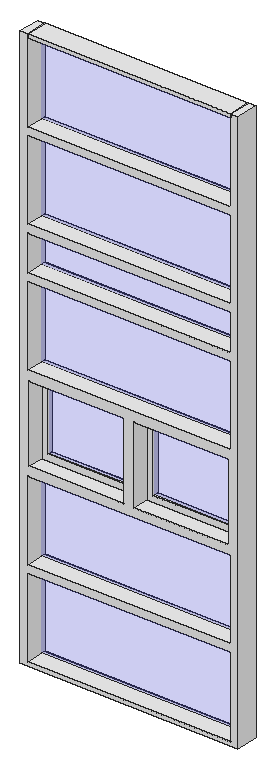
Revit family
Parameters
  창 패널 = ACW1 창 패널
  창 프레임 = ACW1 창 프레임
  높이 2 = 높이 1 * 2  # 600 mm
  높이 1 = Height / 13  # 300 mm
  Height = 3900 mm
  기본 씰 높이 = 0 mm
  Wall Closure = (empty or 0)
  Width = 1500 mm
  창 두께 = 150 mm
Reference planes
  plane 1: y = 0
  plane 2 "중심(왼쪽/오른쪽)": x = 0
  plane 3 "왼쪽": x = -750
  plane 4 "오른쪽": x = 750
  plane 5 "씰": z = 0
  plane 6 "헤드": z = 3900
  plane 7 "외부": y = 100
  plane 8 "내부": y = -100
  plane 9: z = 3300
  plane 10: z = 2700
  plane 11: z = 2400
  plane 12: z = 1800
  plane 13: z = 1200
  plane 14: z = 600
  plane 15: y = -75
  plane 16: y = 75
  plane 17: y = 66
  plane 18: y = 44
  plane 19: y = 35
  plane 20: x = -700
  plane 21: x = 700
  plane 22: z = 575
  plane 23: z = 625
  plane 24: z = 1175
  plane 25: z = 1225
  plane 26: z = 1775
  plane 27: z = 1825
  plane 28: z = 2375
  plane 29: z = 2425
  plane 30: z = 2725
  plane 31: z = 2675
  plane 32: z = 3275
  plane 33: z = 3325
  plane 34: z = 25
  plane 35: z = 3875
  plane 36: x = -25
  plane 37: x = 25
  plane 38: x = 362.5
  plane 39: x = -362.5
Forms (mm)
  Extrusion 1, solid, material "ACW1 창 프레임" <- "창 프레임"
    sketch origin (-2165.69, 265, 1175) x (0, 1, 0) y (1, 0, 0)
      loop
        line (-190, 2865.69) -> (-340, 2865.69) -> (-340, 1465.69) -> (-190, 1465.69) -> (-190, 2865.69)
    from 0 to -50
  Extrusion 2, solid, material "ACW1 창 프레임" <- "창 프레임"
    sketch origin (-2165.69, 265, 575) x (0, 1, 0) y (1, 0, 0)
      loop
        line (-190, 2865.69) -> (-340, 2865.69) -> (-340, 1465.69) -> (-190, 1465.69) -> (-190, 2865.69)
    from 0 to -50
  Extrusion 3, solid, material "ACW1 창 프레임" <- "창 프레임"
    sketch origin (-2165.69, 265, 1775) x (0, 1, 0) y (1, 0, 0)
      loop
        line (-190, 2865.69) -> (-340, 2865.69) -> (-340, 1465.69) -> (-190, 1465.69) -> (-190, 2865.69)
    from 0 to -50
  Extrusion 4, solid, material "ACW1 창 프레임" <- "창 프레임"
    sketch origin (-2165.69, 265, 2375) x (0, 1, 0) y (1, 0, 0)
      loop
        line (-190, 2865.69) -> (-340, 2865.69) -> (-340, 1465.69) -> (-190, 1465.69) -> (-190, 2865.69)
    from 0 to -50
  Extrusion 5, solid, material "ACW1 창 프레임" <- "창 프레임"
    sketch origin (-2165.69, 265, 2675) x (0, 1, 0) y (1, 0, 0)
      loop
        line (-190, 2865.69) -> (-340, 2865.69) -> (-340, 1465.69) -> (-190, 1465.69) -> (-190, 2865.69)
    from 0 to -50
  Extrusion 6, solid, material "ACW1 창 프레임" <- "창 프레임"
    sketch origin (-2165.69, 265, 3275) x (0, 1, 0) y (1, 0, 0)
      loop
        line (-190, 2865.69) -> (-340, 2865.69) -> (-340, 1465.69) -> (-190, 1465.69) -> (-190, 2865.69)
    from 0 to -50
  Extrusion 7, solid, material "ACW1 창 패널" <- "창 패널"
    sketch origin (0, 0, 0) x (1, 0, 0) y (0, 1, 0)
      loop
        line (-700, 66) -> (-700, 44) -> (700, 44) -> (700, 66) -> (-700, 66)
    from 625 to 1175
  Extrusion 8, solid, material "ACW1 창 패널" <- "창 패널"
    sketch origin (0, 0, 575) x (1, 0, 0) y (0, 1, 0)
      loop
        line (-700, 66) -> (-700, 44) -> (700, 44) -> (700, 66) -> (-700, 66)
    from -550 to 0
  Extrusion 9, solid, material "ACW1 창 패널" <- "창 패널"
    sketch origin (0, 0, 1775) x (1, 0, 0) y (0, 1, 0)
      loop
        line (-700, 66) -> (-700, 44) -> (700, 44) -> (700, 66) -> (-700, 66)
    from 50 to 600
  Extrusion 10, solid, material "ACW1 창 패널" <- "창 패널"
    sketch origin (0, 0, 2375) x (1, 0, 0) y (0, 1, 0)
      loop
        line (-700, 66) -> (-700, 44) -> (700, 44) -> (700, 66) -> (-700, 66)
    from 50 to 300
  Extrusion 11, solid, material "ACW1 창 패널" <- "창 패널"
    sketch origin (0, 0, 2975) x (1, 0, 0) y (0, 1, 0)
      loop
        line (-700, 66) -> (-700, 44) -> (700, 44) -> (700, 66) -> (-700, 66)
    from -250 to 300
  Extrusion 12, solid, material "ACW1 창 패널" <- "창 패널"
    sketch origin (0, 0, 3575) x (1, 0, 0) y (0, 1, 0)
      loop
        line (-700, 66) -> (-700, 44) -> (700, 44) -> (700, 66) -> (-700, 66)
    from -250 to 300
  Extrusion 13, solid, material "ACW1 창 프레임" <- "창 프레임"
    sketch origin (0, 0, 0) x (1, 0, 0) y (0, 1, 0)
      loop
        line (-750, 75) -> (-750, -75) -> (-700, -75) -> (-700, 75) -> (-750, 75)
      loop
        line (700, 75) -> (700, -75) -> (750, -75) -> (750, 75) -> (700, 75)
    from 0 to 3900
  Extrusion 14, solid, material "ACW1 창 프레임" <- "창 프레임"
    sketch origin (-2165.69, 265, 0) x (0, 1, 0) y (1, 0, 0)
      loop
        line (-190, 2865.69) -> (-340, 2865.69) -> (-340, 1465.69) -> (-190, 1465.69) -> (-190, 2865.69)
    from 0 to -25
  Extrusion 15, solid, material "ACW1 창 프레임" <- "창 프레임"
    sketch origin (-2165.69, 265, 5050) x (0, 1, 0) y (1, 0, 0)
      loop
        line (-190, 2865.69) -> (-340, 2865.69) -> (-340, 1465.69) -> (-190, 1465.69) -> (-190, 2865.69)
    from 1175 to 1150
  Extrusion 16, solid, material "ACW1 창 프레임" <- "창 프레임"
    sketch origin (-2165.69, 265, 1225) x (0, 1, 0) y (1, 0, 0)
      loop
        line (-190, 2140.69) -> (-190, 2190.69) -> (-340, 2190.69) -> (-340, 2140.69) -> (-190, 2140.69)
    from 0 to -550
  Sweep 17, solid, material "ACW1 창 프레임" <- "창 프레임"
    path origin (-700, 75, 0) x (1, 0, 0) y (0, 0, -1)
      loop
        line (675, -1775) -> (675, -1225) -> (0, -1225) -> (0, -1775) -> (675, -1775)
    profile origin (-362.5, 75, 1775) x (0, 0, 1) y (0, 1, 0)
      loop
        line (0, 0) -> (-50, 0) -> (-50, -40) -> (0, -40) -> (0, 0)
  Sweep 18, solid, material "ACW1 창 프레임" <- "창 프레임"
    path origin (-700, 75, 0) x (1, 0, 0) y (0, 0, -1)
      loop
        line (1400, -1775) -> (1400, -1225) -> (725, -1225) -> (725, -1775) -> (1400, -1775)
    profile origin (362.5, 75, 1775) x (0, 0, 1) y (0, 1, 0)
      loop
        line (0, 0) -> (-50, 0) -> (-50, -40) -> (0, -40) -> (0, 0)
  Extrusion 19, solid, material "ACW1 창 패널" <- "창 패널"
    sketch origin (-2165.69, 265, 1225) x (0, 1, 0) y (1, 0, 0)
      loop
        line (-199, 1515.69) -> (-199, 2090.69) -> (-221, 2090.69) -> (-221, 1515.69) -> (-199, 1515.69)
      loop
        line (-199, 2240.69) -> (-199, 2815.69) -> (-221, 2815.69) -> (-221, 2240.69) -> (-199, 2240.69)
    from -50 to -500
  Sweep 20, solid, material "ACW1 창 프레임" <- "창 프레임"
    path origin (-25, 35, 1775) x (-1, 0, 0) y (0, 0, -1)
      loop
        line (0, 0) -> (675, 0) -> (675, 550) -> (0, 550) -> (0, 0)
    profile origin (-362.5, 35, 1775) x (0, 0, -1) y (0, -1, 0)
      loop
        line (0, 0) -> (9.962, 0) -> (9.962, 110) -> (0, 110) -> (0, 0)
  Sweep 21, solid, material "ACW1 창 프레임" <- "창 프레임"
    path origin (700, 35, 1775) x (-1, 0, 0) y (0, 0, -1)
      loop
        line (0, 0) -> (675, 0) -> (675, 550) -> (0, 550) -> (0, 0)
    profile origin (362.5, 35, 1775) x (0, 0, -1) y (0, -1, 0)
      loop
        line (0, 0) -> (9.962, 0) -> (9.962, 110) -> (0, 110) -> (0, 0)
Cuts and joins
  joined: Extrusion 1, Extrusion 2, Extrusion 3, Extrusion 4, Extrusion 5, Extrusion 6, Extrusion 13, Extrusion 14, Extrusion 16, Sweep 20, Sweep 21
Lines and regions (mm)
  Opening 1
    outline origin (3500, -100, 0) x (1, 0, 0) y (0, 0, 1)
      loop
        line (-2750, 0) -> (-2750, 3900) -> (-4250, 3900) -> (-4250, 0) -> (-2750, 0)
  symbolic lines, style "입면도 스윙"
    curve 1: line (362.5, 35, 1775) -> (700, 35, 1225)
    curve 2: line (362.5, 35, 1775) -> (25, 35, 1225)
    curve 3: line (-362.5, 35, 1775) -> (-25, 35, 1225)
    curve 4: line (-362.5, 35, 1775) -> (-700, 35, 1225)
Text (mm)
  text "외부" at (-1963.203, 1332.353, 0), in view "참조 레벨"
  text "내부" at (-1981.466, -818.386, 0), in view "참조 레벨"
  text "외부" at (0, 923.751, 2943.296), in view "오른쪽"
  text "외부" at (0, 1040.484, 2685.409), in view "왼쪽"
Dimensions and locks
  equal spacing: plane 3 "왼쪽", plane 2 "중심(왼쪽/오른쪽)", plane 4 "오른쪽"
  "Width": plane 3 "왼쪽" to plane 4 "오른쪽"
  "Height": plane 5 "씰" to plane 6 "헤드"
  "기본 씰 높이": plane 5 "씰" to level
  locked: plane 7 "외부" to host wall at 0
  locked: plane 8 "내부" to host wall
  "창 두께": plane 16 to plane 15
  equal spacing: plane 16, plane 1, plane 15
  plane 16 to plane 17 to plane 18 to plane 19 = 9 mm locked, 22 mm locked, 9 mm locked
  locked: plane 3 "왼쪽" to plane 20 at 50
  locked: plane 21 to plane 4 "오른쪽" at 50
  locked: plane 35 to plane 6 "헤드" at 25
  plane 36 to plane 2 "중심(왼쪽/오른쪽)" to plane 37 = 25 mm locked, 25 mm locked
  locked: cut or joined group 1 (Extrusion 1, Extrusion 2, Extrusion 3, Extrusion 4, Extrusion 5, Extrusion 6, Extrusion 13, Extrusion 14, Extrusion 16, Sweep 20, Sweep 21) to Sweep 17 sketch curve at 50
  locked: plane 5 "씰" to plane 34 at 25
  plane 32 to plane 9 to plane 33 = 25 mm locked, 25 mm locked
  plane 31 to plane 10 to plane 30 = 25 mm locked, 25 mm locked
  plane 28 to plane 11 to plane 29 = 25 mm locked, 25 mm locked
  plane 26 to plane 12 to plane 27 = 25 mm locked, 25 mm locked
  plane 24 to plane 13 to plane 25 = 25 mm locked, 25 mm locked
  plane 22 to plane 14 to plane 23 = 25 mm locked, 25 mm locked
  "높이 2": plane 9 to plane 6 "헤드"
  "높이 2": plane 10 to plane 9
  "높이 1": plane 11 to plane 10
  "높이 2": plane 12 to plane 11
  "높이 2": plane 13 to plane 12
  "높이 2": plane 14 to plane 13
  equal spacing: plane 21, plane 38, plane 37
  equal spacing: plane 36, plane 39, plane 20
  aligned and locked: plane 3 "왼쪽" to Extrusion 13 sketch curve
  aligned and locked: Extrusion 13 sketch curve to plane 16
  aligned and locked: plane 15 to Extrusion 13 sketch curve
  aligned and locked: plane 4 "오른쪽" to Extrusion 13 sketch curve
  aligned and locked: Extrusion 13 to host wall
  aligned and locked: Extrusion 15 to host wall
  aligned and locked: plane 35 to Extrusion 15
  aligned and locked: plane 36 to Extrusion 16 sketch curve
  aligned and locked: plane 16 to Extrusion 16 sketch curve
  aligned and locked: plane 15 to Extrusion 16 sketch curve
  aligned and locked: plane 37 to Extrusion 16 sketch curve
  aligned and locked: Sweep 17 sketch curve to cut or joined group 1
  aligned and locked: Sweep 18 sketch curve to cut or joined group 1  (x2)
  aligned and locked: Sweep 18 sketch curve to Sweep 17  (x2)
  aligned and locked: Extrusion 19 sketch curve to Sweep 17  (x2)
  aligned and locked: plane 17 to Extrusion 19 sketch curve  (x2)
  aligned and locked: plane 18 to Extrusion 19 sketch curve  (x2)
  aligned and locked: Extrusion 19 sketch curve to Sweep 18  (x2)
  aligned and locked: Extrusion 12 to plane 35
  aligned and locked: Extrusion 15 to plane 6 "헤드"
  aligned and locked: Extrusion 6 to plane 33
  aligned and locked: plane 33 to Extrusion 12
  aligned and locked: plane 32 to Extrusion 6
  aligned and locked: Extrusion 11 to plane 32
  aligned and locked: Extrusion 5 to plane 30
  aligned and locked: plane 31 to Extrusion 5
  aligned and locked: Extrusion 10 to plane 31
  aligned and locked: Extrusion 4 to plane 29
  aligned and locked: plane 29 to Extrusion 10
  aligned and locked: plane 28 to Extrusion 4
  aligned and locked: Extrusion 9 to plane 28
  aligned and locked: plane 34 to Extrusion 14
  aligned and locked: plane 5 "씰" to Extrusion 14
  aligned and locked: plane 5 "씰" to Extrusion 13
  aligned and locked: Extrusion 3 to plane 27
  aligned and locked: plane 27 to Extrusion 9
  aligned and locked: plane 30 to Extrusion 11
  aligned and locked: Extrusion 2 to plane 23
  aligned and locked: Extrusion 1 to plane 25
  aligned and locked: plane 24 to Extrusion 1
  aligned and locked: Extrusion 8 to plane 22
  aligned and locked: Sweep 20 sketch curve to plane 36
  aligned and locked: Sweep 20 sketch curve to plane 20
  aligned and locked: Sweep 20 sketch curve to plane 25
  aligned and locked: plane 26 to Sweep 20 sketch curve
  aligned and locked: Extrusion 16 to plane 26
  aligned and locked: plane 26 to Sweep 21 sketch curve
  aligned and locked: plane 37 to Sweep 21 sketch curve
  aligned and locked: plane 21 to Sweep 21 sketch curve
  aligned and locked: Sweep 21 sketch curve to plane 25
  aligned and locked: plane 26 to Sweep 17 sketch curve
  aligned and locked: Sweep 17 sketch curve to plane 25
  aligned and locked: plane 26 to Sweep 18 sketch curve
  aligned and locked: plane 37 to Sweep 18 sketch curve
  aligned and locked: Sweep 18 sketch curve to plane 25
  aligned and locked: plane 26 to Extrusion 3
  aligned and locked: Extrusion 19 to Sweep 17  (x2)
  aligned and locked: Extrusion 19 to Sweep 18
  aligned and locked: Extrusion 7 to plane 24
  aligned and locked: plane 23 to Extrusion 7
  aligned and locked: plane 22 to Extrusion 2
  aligned and locked: Sweep 17 sketch curve to plane 36
  aligned and locked: Extrusion 8 to plane 34
  aligned and locked: plane 6 "헤드" to Opening 1 sketch curve
  aligned and locked: plane 4 "오른쪽" to Opening 1 sketch curve
  aligned and locked: plane 3 "왼쪽" to Opening 1 sketch curve
  aligned and locked: plane 5 "씰" to Opening 1 sketch curve
  aligned and locked: plane 38 to curve 1
  aligned and locked: plane 39 to curve 4
  aligned and locked: plane 26 to curve 1
  aligned and locked: plane 26 to curve 4
  aligned and locked: plane 25 to curve 1
  aligned and locked: plane 21 to curve 1
  aligned and locked: plane 25 to curve 2
  aligned and locked: plane 37 to curve 2
  aligned and locked: plane 36 to curve 3
  aligned and locked: plane 25 to curve 3
  aligned and locked: plane 25 to curve 4
  aligned and locked: plane 20 to curve 4
Automatic sketch dimensions
  Extrusion 1 sketch curve to plane 15 = 0 mm
  Extrusion 1 sketch curve to plane 16 = 0 mm
  Extrusion 1 sketch curve to plane 21 = 0 mm
  Extrusion 1 sketch curve to plane 20 = 0 mm
  Extrusion 2 sketch curve to plane 15 = 0 mm
  Extrusion 2 sketch curve to plane 16 = 0 mm
  Extrusion 2 sketch curve to plane 21 = 0 mm
  Extrusion 2 sketch curve to plane 20 = 0 mm
  Extrusion 3 sketch curve to plane 15 = 0 mm
  Extrusion 3 sketch curve to plane 16 = 0 mm
  Extrusion 3 sketch curve to plane 21 = 0 mm
  Extrusion 3 sketch curve to plane 20 = 0 mm
  Extrusion 4 sketch curve to plane 15 = 0 mm
  Extrusion 4 sketch curve to plane 16 = 0 mm
  Extrusion 4 sketch curve to plane 21 = 0 mm
  Extrusion 4 sketch curve to plane 20 = 0 mm
  Extrusion 5 sketch curve to plane 15 = 0 mm
  Extrusion 5 sketch curve to plane 16 = 0 mm
  Extrusion 5 sketch curve to plane 21 = 0 mm
  Extrusion 5 sketch curve to plane 20 = 0 mm
  Extrusion 6 sketch curve to plane 15 = 0 mm
  Extrusion 6 sketch curve to plane 16 = 0 mm
  Extrusion 6 sketch curve to plane 21 = 0 mm
  Extrusion 6 sketch curve to plane 20 = 0 mm
  Extrusion 7 sketch curve to plane 18 = 0 mm
  Extrusion 7 sketch curve to plane 20 = 0 mm
  Extrusion 7 sketch curve to plane 21 = 0 mm
  Extrusion 7 sketch curve to plane 17 = 0 mm
  Extrusion 8 sketch curve to plane 18 = 0 mm
  Extrusion 8 sketch curve to plane 20 = 0 mm
  Extrusion 8 sketch curve to plane 21 = 0 mm
  Extrusion 8 sketch curve to plane 17 = 0 mm
  Extrusion 9 sketch curve to plane 18 = 0 mm
  Extrusion 9 sketch curve to plane 20 = 0 mm
  Extrusion 9 sketch curve to plane 21 = 0 mm
  Extrusion 9 sketch curve to plane 17 = 0 mm
  Extrusion 10 sketch curve to plane 18 = 0 mm
  Extrusion 10 sketch curve to plane 20 = 0 mm
  Extrusion 10 sketch curve to plane 21 = 0 mm
  Extrusion 10 sketch curve to plane 17 = 0 mm
  Extrusion 11 sketch curve to plane 18 = 0 mm
  Extrusion 11 sketch curve to plane 20 = 0 mm
  Extrusion 11 sketch curve to plane 21 = 0 mm
  Extrusion 11 sketch curve to plane 17 = 0 mm
  Extrusion 12 sketch curve to plane 18 = 0 mm
  Extrusion 12 sketch curve to plane 20 = 0 mm
  Extrusion 12 sketch curve to plane 21 = 0 mm
  Extrusion 12 sketch curve to plane 17 = 0 mm
  Extrusion 14 sketch curve to plane 15 = 0 mm
  Extrusion 14 sketch curve to plane 16 = 0 mm
  Extrusion 14 sketch curve to plane 21 = 0 mm
  Extrusion 14 sketch curve to plane 20 = 0 mm
  Extrusion 15 sketch curve to plane 15 = 0 mm
  Extrusion 15 sketch curve to plane 16 = 0 mm
  Extrusion 15 sketch curve to plane 21 = 0 mm
  Extrusion 15 sketch curve to plane 20 = 0 mm
  Extrusion 13 sketch curve to plane 15 = 0 mm
  Extrusion 13 sketch curve to plane 20 = 0 mm
  Extrusion 13 sketch curve to plane 16 = 0 mm
  Extrusion 13 sketch curve to plane 21 = 0 mm
  Sweep 17 sketch curve to profile plane = 0 mm
  Sweep 17 sketch curve to profile plane = 40 mm
  Sweep 20 sketch curve to profile plane = 0 mm  (x2)
  Sweep 20 sketch curve to profile plane = 9.962 mm
  profile plane to Sweep 20 sketch curve = 110 mm
  Sweep 21 sketch curve to profile plane = 0 mm  (x2)
  Sweep 21 sketch curve to profile plane = 9.962 mm
  profile plane to Sweep 21 sketch curve = 110 mm
  Sweep 17 sketch curve to Extrusion 14 = 0 mm
  Sweep 18 sketch curve to Extrusion 14 = 0 mm
